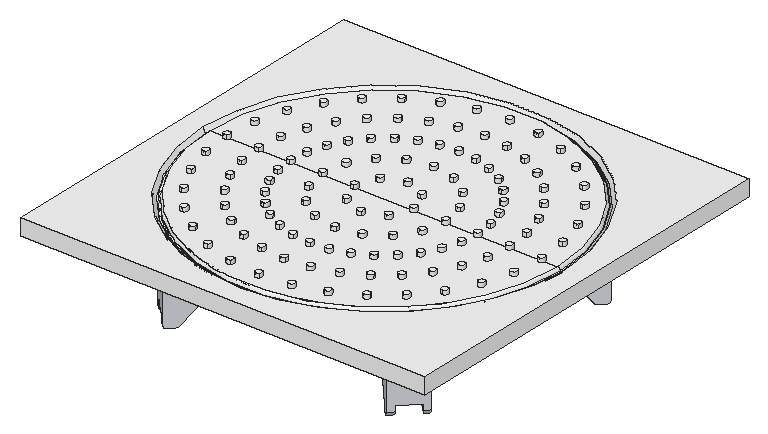
Revit family "Reece_Shower_GROHE_F Series_Overhead Shower_254 mm", category Plumbing Fixtures, host Face, Revit 2018
Family settings
  Host = Face
  Round Connector Dimension = Use Diameter
  Part Type = Normal
  Cut with Voids When Loaded = No
  Shared = Yes
  Room Calculation Point = Yes
Parameters (values of type "Chrome")
  WFU = 0  # constant formula
  URL = "https://www.reece.com.au/product/-9506716"
  Type Comments = "Shower"
  Reece_Shower_Inlet = 12 mm  # constant formula
  Reece_Product_Web Page = "https://www.reece.com.au/product/-9506716"
  Reece_Product_Type = "Shower"  # constant formula
  Reece_Product_Sub Brand = "F-Series"  # constant formula
  Reece_Product_Number = "9506716"
  Reece_Product_Mount = "Ceiling Mounted"
  Reece_Product_Description = "GROHE Rainshower F-Series Ceiling Mounted Shower Head 254mm Chrome (2 Star)"
  Reece_Product_Brand = "GROHE"  # constant formula
  Reece_Overall_Width = 254 mm  # constant formula
  Reece_Overall_Length = 254 mm  # constant formula
  Reece_Overall_Height = 12 mm  # constant formula
  Reece_Overall-Diameter = 218 mm  # constant formula
  Reece_Material_Main [instance] = Reece_Brass_Chrome
  Reece_Detail_Disclaimer = "THIS FILE IS THE PROPERTY OF THE REECE GROUP. IT MAY NOT BE REPRODUCED, REVERSE-ENGINEERED OR MODIFIED. ANY REPUBLICATION, TRANSMISSION OR DISTRIBUTION FOR THE PURPOSE OF COMMERCIALLY EXPLOITING THE FILES IS PROHIBITED."  # constant formula
  Reece_Detail_Additional = "Overhead Shower"  # constant formula
  Model = "F-Series"
  Manufacturer = "GROHE"
  Keynote = "Product #9506716, Reece_Shower_GROHE_F Series_Overhead Shower_254 mm - Chrome"
  HWFU = 0  # constant formula
  Disclaimer = "THIS FILE IS THE PROPERTY OF THE REECE GROUP. IT MAY NOT BE REPRODUCED, REVERSE-ENGINEERED OR MODIFIED. ANY REPUBLICATION, TRANSMISSION OR DISTRIBUTION FOR THE PURPOSE OF COMMERCIALLY EXPLOITING THE FILES IS PROHIBITED."  # constant formula
  Description = "GROHE Rainshower F-Series Ceiling Mounted Shower Head 254mm Chrome (2 Star)"
  Default Elevation = 0 mm
  CWFU = 0  # constant formula
Reference planes
  plane 1 "Center (Front/Back)": y = 0
  plane 2: z = 0
  plane 3 "Center (Left/Right)": x = 0
  plane 4: y = 127
  plane 5: y = -127
  plane 6: x = -127
  plane 7: x = 127
  plane 8: z = -58
  plane 9: z = 12
  plane 10: y = 109
  plane 11: y = -109
Forms (mm)
  Revolve 1, solid, material "Reece_Brass_Chrome" <- "Reece_Material_Main"
    sketch origin (0, 0, -219.6) x (1, 0, 0) y (0, 0, 1)
      loop
        line (0, 229.6) -> (0, 219.6) -> (109, 219.6) -> (109, 226.787) -> (111.204, 226.787)
        arc (111.204, 226.787) -> (111.611, 227.193) -> (111.204, 227.6) r 0.407
        line (111.204, 227.6) -> (110.204, 227.6)
        arc (110.204, 227.6) -> (109.766, 228.699) -> (109, 229.6) r 3.657
        line (109, 229.6) -> (0, 229.6)
      axis (0, 229.6) -> (0, 219.6)
    angle from 0 to 360
  Extrusion 2, solid, material "Reece_Brass_Chrome" <- "Reece_Material_Main", detail levels fine
    sketch origin (2.068, -0.55, -42.4) x (0.866025, -0.5, 0) y (0.5, 0.866025, 0)
      loop
        circle (-51.416, 84.919) r 2
      loop
        circle (-41.416, 67.599) r 2
      loop
        circle (-31.416, 50.278) r 2
      loop
        circle (-21.416, 32.958) r 2
      loop
        circle (-11.416, 15.637) r 2
      loop
        circle (-97.403, 24.988) r 2
      loop
        circle (-78.085, 19.812) r 2
      loop
        circle (-58.766, 14.635) r 2
      loop
        circle (-39.448, 9.459) r 2
      loop
        circle (-20.129, 4.283) r 2
      loop
        circle (-87.543, -49.907) r 2
      loop
        circle (-70.223, -39.907) r 2
      loop
        circle (-52.902, -29.907) r 2
      loop
        circle (-35.582, -19.907) r 2
      loop
        circle (-18.261, -9.907) r 2
      loop
        circle (-80.37, 59.527) r 2
      loop
        circle (-64.503, 47.352) r 2
      loop
        circle (-48.636, 35.177) r 2
      loop
        circle (-32.769, 23.002) r 2
      loop
        circle (-67.144, 73.649) r 2
      loop
        circle (-53.957, 58.612) r 2
      loop
        circle (-40.77, 43.576) r 2
      loop
        circle (-90.588, 43.097) r 2
      loop
        circle (-72.65, 34.251) r 2
      loop
        circle (-54.713, 25.405) r 2
      loop
        circle (-99.922, -13.44) r 2
      loop
        circle (-80.093, -10.83) r 2
      loop
        circle (-60.264, -8.219) r 2
      loop
        circle (-40.435, -5.609) r 2
      loop
        circle (-95.528, -32.283) r 2
      loop
        circle (-76.59, -25.855) r 2
      loop
        circle (-57.651, -19.426) r 2
      loop
        circle (-100.555, 5.898) r 2
      loop
        circle (-80.598, 4.59) r 2
      loop
        circle (-60.641, 3.282) r 2
      loop
        circle (-27.612, -95.894) r 2
      loop
        circle (-22.435, -76.576) r 2
      loop
        circle (-17.259, -57.257) r 2
      loop
        circle (-12.083, -37.939) r 2
      loop
        circle (-6.906, -18.62) r 2
      loop
        circle (10.817, -98.413) r 2
      loop
        circle (8.206, -78.584) r 2
      loop
        circle (5.596, -58.755) r 2
      loop
        circle (2.985, -38.926) r 2
      loop
        circle (29.66, -94.019) r 2
      loop
        circle (23.231, -75.081) r 2
      loop
        circle (16.802, -56.142) r 2
      loop
        circle (-8.522, -99.046) r 2
      loop
        circle (-7.214, -79.089) r 2
      loop
        circle (-5.905, -59.132) r 2
      loop
        circle (-62.151, -78.861) r 2
      loop
        circle (-49.976, -62.994) r 2
      loop
        circle (-37.801, -47.127) r 2
      loop
        circle (-25.625, -31.26) r 2
      loop
        circle (-76.273, -65.635) r 2
      loop
        circle (-61.236, -52.448) r 2
      loop
        circle (-46.199, -39.261) r 2
      loop
        circle (-45.72, -89.079) r 2
      loop
        circle (-36.874, -71.141) r 2
      loop
        circle (-28.029, -53.204) r 2
      loop
        circle (23.479, 94.78) r 2
      loop
        circle (18.303, 75.461) r 2
      loop
        circle (13.126, 56.142) r 2
      loop
        circle (7.95, 36.824) r 2
      loop
        circle (2.774, 17.505) r 2
      loop
        circle (83.41, 48.793) r 2
      loop
        circle (66.09, 38.793) r 2
      loop
        circle (48.769, 28.793) r 2
      loop
        circle (31.449, 18.793) r 2
      loop
        circle (14.128, 8.793) r 2
      loop
        circle (-14.949, 97.298) r 2
      loop
        circle (-12.339, 77.469) r 2
      loop
        circle (-9.728, 57.64) r 2
      loop
        circle (-7.118, 37.812) r 2
      loop
        circle (-33.792, 92.905) r 2
      loop
        circle (-27.364, 73.966) r 2
      loop
        circle (-20.935, 55.027) r 2
      loop
        circle (4.389, 97.931) r 2
      loop
        circle (3.081, 77.974) r 2
      loop
        circle (1.773, 58.017) r 2
      loop
        circle (58.018, 77.747) r 2
      loop
        circle (45.843, 61.88) r 2
      loop
        circle (33.668, 46.012) r 2
      loop
        circle (21.493, 30.145) r 2
      loop
        circle (72.14, 64.52) r 2
      loop
        circle (57.103, 51.333) r 2
      loop
        circle (42.067, 38.146) r 2
      loop
        circle (41.588, 87.964) r 2
      loop
        circle (32.742, 70.027) r 2
      loop
        circle (23.896, 52.089) r 2
      loop
        circle (93.271, -26.103) r 2
      loop
        circle (73.952, -20.926) r 2
      loop
        circle (54.634, -15.75) r 2
      loop
        circle (35.315, -10.574) r 2
      loop
        circle (15.996, -5.397) r 2
      loop
        circle (76.238, -60.642) r 2
      loop
        circle (60.371, -48.467) r 2
      loop
        circle (44.504, -36.292) r 2
      loop
        circle (28.636, -24.116) r 2
      loop
        circle (63.011, -74.764) r 2
      loop
        circle (49.824, -59.727) r 2
      loop
        circle (36.637, -44.69) r 2
      loop
        circle (86.455, -44.211) r 2
      loop
        circle (68.518, -35.365) r 2
      loop
        circle (50.58, -26.52) r 2
      loop
        circle (95.789, 12.326) r 2
      loop
        circle (75.96, 9.715) r 2
      loop
        circle (56.131, 7.105) r 2
      loop
        circle (36.303, 4.494) r 2
      loop
        circle (91.396, 31.169) r 2
      loop
        circle (72.457, 24.74) r 2
      loop
        circle (53.518, 18.311) r 2
      loop
        circle (96.422, -7.013) r 2
      loop
        circle (76.465, -5.705) r 2
      loop
        circle (56.508, -4.397) r 2
      loop
        circle (47.284, -86.034) r 2
      loop
        circle (37.284, -68.714) r 2
      loop
        circle (27.284, -51.393) r 2
      loop
        circle (17.284, -34.073) r 2
      loop
        circle (7.284, -16.752) r 2
    from 52.4 to 54.4
  Revolve 3, void
    sketch origin (0, 0, -32.6) x (1, 0, 0) y (0, 0, 1)
      loop
        line (0, 32.6) -> (0, 45.2) -> (-115.312, 45.2) -> (-109.012, 32.6) -> (0, 32.6)
      axis (0, 45.2) -> (0, 32.6)
    angle from 0 to 360
  Extrusion 4, solid, material "Reece_Brass_Chrome" <- "Reece_Material_Main"
    sketch origin (127, -127, 0) x (1, 0, 0) y (0, 1, 0)
      loop
        line (-254, 254) -> (-254, 0) -> (0, 0) -> (0, 254) -> (-254, 254)
    from 0 to 10
  Extrusion 5, void
    sketch origin (18, 0, 0) x (1, 0, 0) y (0, 1, 0)
      loop
        line (-108, 90) -> (-108, -89.223) -> (72.187, -89.223) -> (72.187, 90) -> (-108, 90)
    from -58 to 0
  Revolve 6, solid
    sketch origin (0, 0, 0) x (1, 0, 0) y (0, 0, 1)
      loop
        line (0, 0) -> (0, -32) -> (12, -32) -> (12, -22) -> (10, -22) -> (10, -10) -> (22.5, -10) -> (22.5, 0) -> (0, 0)
      axis (0, 0) -> (0, -32)
    angle from 0 to 360
  Extrusion 7, solid
    sketch origin (0, 0, -42) x (1, 0, 0) y (0, 1, 0)
      loop
        line (15, 8.66) -> (0, 17.321) -> (-15, 8.66) -> (-15, -8.66) -> (0, -17.321) -> (15, -8.66) -> (15, 8.66)
    from 4.837 to 10
  Extrusion 8, solid
    sketch origin (12.148, 3.006, 0) x (0.707107, -0.707107, 0) y (0, 0, 1)
      loop
        line (104.012, 0) -> (58.932, 0)
        arc (58.932, 0) -> (57.064, -1.19) -> (57.353, -3.386) r 2.061
        line (57.353, -3.386) -> (95.109, -48.382)
        arc (95.109, -48.382) -> (96.664, -49.576) -> (98.578, -50) r 4.528
        line (98.578, -50) -> (101.965, -50)
        arc (101.965, -50) -> (103.412, -49.4) -> (104.012, -47.953) r 2.047
        line (104.012, -47.953) -> (104.012, 0)
    from 0 to 22
  Extrusion 9, void
    sketch origin (12.2, 3.058, 0) x (0.707107, -0.707107, 0) y (0, 0, 1)
      loop
        line (101.309, -3.285) -> (47.551, -3.285) -> (101.309, -67.352) -> (101.309, -54.021) -> (109.101, -54.021) -> (109.101, -44.394) -> (101.309, -44.394) -> (101.309, -3.285)
    from 3.505 to 18.074
  Extrusion 10, solid
    sketch origin (-12.148, 3.006, 0) x (-0.707107, -0.707107, 0) y (0, 0, -1)
      loop
        line (104.012, 0) -> (104.012, 47.953)
        arc (104.012, 47.953) -> (103.412, 49.4) -> (101.965, 50) r 2.047
        line (101.965, 50) -> (98.578, 50)
        arc (98.578, 50) -> (96.664, 49.576) -> (95.109, 48.382) r 4.528
        line (95.109, 48.382) -> (57.353, 3.386)
        arc (57.353, 3.386) -> (57.064, 1.19) -> (58.932, 0) r 2.061
        line (58.932, 0) -> (104.012, 0)
    from 0 to 22
  Extrusion 11, void
    sketch origin (-12.2, 3.058, 0) x (-0.707107, -0.707107, 0) y (0, 0, -1)
      loop
        line (101.309, 3.285) -> (101.309, 44.394) -> (109.101, 44.394) -> (109.101, 54.021) -> (101.309, 54.021) -> (101.309, 67.352) -> (47.551, 3.285) -> (101.309, 3.285)
    from 3.505 to 18.074
  Extrusion 12, solid
    sketch origin (12.148, -3.006, 0) x (0.707107, 0.707107, 0) y (0, 0, -1)
      loop
        line (104.012, 0) -> (104.012, 47.953)
        arc (104.012, 47.953) -> (103.412, 49.4) -> (101.965, 50) r 2.047
        line (101.965, 50) -> (98.578, 50)
        arc (98.578, 50) -> (96.664, 49.576) -> (95.109, 48.382) r 4.528
        line (95.109, 48.382) -> (57.353, 3.386)
        arc (57.353, 3.386) -> (57.064, 1.19) -> (58.932, 0) r 2.061
        line (58.932, 0) -> (104.012, 0)
    from 0 to 22
  Extrusion 13, void
    sketch origin (12.2, -3.058, 0) x (0.707107, 0.707107, 0) y (0, 0, -1)
      loop
        line (101.309, 3.285) -> (101.309, 44.394) -> (109.101, 44.394) -> (109.101, 54.021) -> (101.309, 54.021) -> (101.309, 67.352) -> (47.551, 3.285) -> (101.309, 3.285)
    from 3.505 to 18.074
  Extrusion 14, solid
    sketch origin (-12.148, -3.006, 0) x (-0.707107, 0.707107, 0) y (0, 0, 1)
      loop
        line (104.012, 0) -> (58.932, 0)
        arc (58.932, 0) -> (57.064, -1.19) -> (57.353, -3.386) r 2.061
        line (57.353, -3.386) -> (95.109, -48.382)
        arc (95.109, -48.382) -> (96.664, -49.576) -> (98.578, -50) r 4.528
        line (98.578, -50) -> (101.965, -50)
        arc (101.965, -50) -> (103.412, -49.4) -> (104.012, -47.953) r 2.047
        line (104.012, -47.953) -> (104.012, 0)
    from 0 to 22
  Extrusion 15, void
    sketch origin (-12.2, -3.058, 0) x (-0.707107, 0.707107, 0) y (0, 0, 1)
      loop
        line (101.309, -3.285) -> (47.551, -3.285) -> (101.309, -67.352) -> (101.309, -54.021) -> (109.101, -54.021) -> (109.101, -44.394) -> (101.309, -44.394) -> (101.309, -3.285)
    from 3.505 to 18.074
Cuts and joins
  Revolve 3 cuts Extrusion 4
  Extrusion 9, Extrusion 11, Extrusion 13 cuts Extrusion 8
  Extrusion 11, Extrusion 15 cuts Extrusion 10
  Extrusion 13 cuts Extrusion 12
  Extrusion 15 cuts Extrusion 14
Text (mm)
  text "Reece Copyright © 2018, Reece Ltd." at (-684.407, -384.82, 0), in view "Ref. Level"
  text "Reece ©" at (-374.685, 622.644, -171.901), in view "Reece_Preview"
Dimensions and locks
  equal spacing: plane 4, plane 1 "Center (Front/Back)", plane 5
  "Reece_Overall-Diameter": plane 11 to plane 10
  "Reece_Overall_Width": plane 6 to plane 7
  "Reece_Overall_Height": plane 9 to host face
  plane 10 to plane 11 = 218 mm
  "Reece_Overall_Length": plane 4 to plane 5
  plane 7 to plane 6 = 254 mm
  plane 4 to plane 5 = 254 mm
  aligned and locked: host face to plane 2
  aligned and locked: host face to level
Automatic sketch dimensions
  host sketch curve to host sketch curve = 719.989 mm
  host sketch curve to host sketch curve = 682.232 mm
  plane 3 "Center (Left/Right)" to Revolve 1 sketch curve = 0 mm
  Revolve 1 sketch curve to plane 3 "Center (Left/Right)" = 0 mm
  Revolve 1 sketch curve to level = 0 mm
  plane 9 to Revolve 1 sketch curve = 4.788 mm
  Revolve 1 sketch curve to plane 7 = 20.367 mm
  Revolve 1 sketch curve to Revolve 1 sketch curve = 2.367 mm  (x2)
  Revolve 1 sketch curve to Revolve 1 sketch curve = 1.204 mm
  Revolve 1 sketch curve to Revolve 1 sketch curve = 1 mm
  Revolve 1 sketch curve to Revolve 1 sketch curve = 0.026 mm
  Revolve 1 sketch curve to Revolve 1 sketch curve = 0.407 mm
  plane 8 to Revolve 1 sketch curve = 771.2 mm
  Revolve 1 sketch curve to plane 9 = 128.8 mm
  Extrusion 2 sketch curve to Extrusion 2 sketch curve = 0 mm  (x240)
  plane 1 "Center (Front/Back)" to Extrusion 2 sketch curve = 0 mm  (x10)
  Extrusion 2 sketch curve to plane 3 "Center (Left/Right)" = 0 mm  (x10)
  plane 6 to Extrusion 2 sketch curve = 44.934 mm
  plane 10 to Extrusion 2 sketch curve = 54.165 mm
  Extrusion 2 sketch curve to Extrusion 2 sketch curve = 0.633 mm  (x4)
  Extrusion 2 sketch curve to Extrusion 2 sketch curve = 3.152 mm
  Extrusion 2 sketch curve to Extrusion 2 sketch curve = 4.394 mm  (x4)
  Extrusion 2 sketch curve to Extrusion 2 sketch curve = 6.816 mm  (x4)
  Extrusion 2 sketch curve to Extrusion 2 sketch curve = 7.985 mm  (x4)
  Extrusion 2 sketch curve to Extrusion 2 sketch curve = 19.957 mm  (x4)
  Extrusion 2 sketch curve to Extrusion 2 sketch curve = 10.217 mm  (x4)
  Extrusion 2 sketch curve to Extrusion 2 sketch curve = 0.505 mm  (x4)
  Extrusion 2 sketch curve to Extrusion 2 sketch curve = 2.513 mm  (x2)
  Extrusion 2 sketch curve to Extrusion 2 sketch curve = 3.503 mm  (x3)
  Extrusion 2 sketch curve to Extrusion 2 sketch curve = 11.27 mm  (x2)
  Extrusion 2 sketch curve to Extrusion 2 sketch curve = 5.434 mm  (x4)
  Extrusion 2 sketch curve to Extrusion 2 sketch curve = 6.367 mm  (x4)
  Extrusion 2 sketch curve to Extrusion 2 sketch curve = 13.227 mm  (x4)
  Extrusion 2 sketch curve to Extrusion 2 sketch curve = 8.147 mm  (x4)
  Extrusion 2 sketch curve to Extrusion 2 sketch curve = 14.122 mm  (x4)
  Extrusion 2 sketch curve to Extrusion 2 sketch curve = 8.986 mm  (x3)
  Extrusion 2 sketch curve to Extrusion 2 sketch curve = 0.377 mm  (x3)
  Extrusion 2 sketch curve to Extrusion 2 sketch curve = 1.874 mm  (x3)
  Extrusion 2 sketch curve to Extrusion 2 sketch curve = 2.613 mm  (x3)
  Extrusion 2 sketch curve to Extrusion 2 sketch curve = 4.053 mm  (x4)
  Extrusion 2 sketch curve to Extrusion 2 sketch curve = 10.546 mm  (x4)
  Extrusion 2 sketch curve to Extrusion 2 sketch curve = 4.749 mm  (x4)
  Extrusion 2 sketch curve to Extrusion 2 sketch curve = 15.727 mm  (x3)
  Extrusion 2 sketch curve to Extrusion 2 sketch curve = 11.26 mm  (x4)
  Extrusion 2 sketch curve to Extrusion 2 sketch curve = 6.077 mm  (x4)
  Extrusion 2 sketch curve to Extrusion 2 sketch curve = 6.703 mm  (x3)
  Extrusion 2 sketch curve to Extrusion 2 sketch curve = 16.431 mm  (x4)
  Extrusion 2 sketch curve to Extrusion 2 sketch curve = 12.541 mm  (x3)
  Extrusion 2 sketch curve to Extrusion 2 sketch curve = 7.866 mm  (x4)
  Extrusion 2 sketch curve to Extrusion 2 sketch curve = 19.829 mm
  Extrusion 2 sketch curve to Extrusion 2 sketch curve = 0.988 mm  (x2)
  Extrusion 2 sketch curve to Extrusion 2 sketch curve = 8.399 mm  (x4)
  Extrusion 2 sketch curve to Extrusion 2 sketch curve = 13.101 mm  (x4)
  Extrusion 2 sketch curve to Extrusion 2 sketch curve = 4.854 mm  (x4)
  Extrusion 2 sketch curve to Extrusion 2 sketch curve = 17.624 mm  (x3)
  Extrusion 2 sketch curve to Extrusion 2 sketch curve = 6.679 mm  (x4)
  Extrusion 2 sketch curve to Extrusion 2 sketch curve = 9.354 mm  (x3)
  Extrusion 2 sketch curve to Extrusion 2 sketch curve = 9.772 mm  (x4)
  Extrusion 2 sketch curve to Extrusion 2 sketch curve = 18.108 mm  (x4)
  Extrusion 2 sketch curve to Extrusion 2 sketch curve = 14.053 mm  (x3)
  Extrusion 2 sketch curve to Extrusion 2 sketch curve = 9.956 mm  (x4)
  Extrusion 2 sketch curve to Extrusion 2 sketch curve = 14.439 mm  (x4)
  Extrusion 2 sketch curve to Extrusion 2 sketch curve = 11.353 mm  (x3)
  Extrusion 2 sketch curve to Extrusion 2 sketch curve = 10.482 mm  (x3)
  Extrusion 2 sketch curve to Extrusion 2 sketch curve = 19.319 mm
  Extrusion 2 sketch curve to Extrusion 2 sketch curve = 1.868 mm  (x4)
  Extrusion 2 sketch curve to Extrusion 2 sketch curve = 10.77 mm  (x4)
  Extrusion 2 sketch curve to Extrusion 2 sketch curve = 18.843 mm  (x4)
  Extrusion 2 sketch curve to Extrusion 2 sketch curve = 15.025 mm  (x4)
  Extrusion 2 sketch curve to Extrusion 2 sketch curve = 13.543 mm  (x3)
  Extrusion 2 sketch curve to Extrusion 2 sketch curve = 8.713 mm
  Extrusion 2 sketch curve to Extrusion 2 sketch curve = 11.207 mm  (x4)
  Extrusion 2 sketch curve to Extrusion 2 sketch curve = 19.09 mm  (x4)
  Extrusion 2 sketch curve to Extrusion 2 sketch curve = 15.222 mm  (x4)
  Extrusion 2 sketch curve to Extrusion 2 sketch curve = 14.299 mm  (x3)
  Extrusion 2 sketch curve to Extrusion 2 sketch curve = 11.355 mm  (x4)
  Extrusion 2 sketch curve to Extrusion 2 sketch curve = 11.354 mm  (x4)
  Extrusion 2 sketch curve to Extrusion 2 sketch curve = 11.501 mm  (x4)
  Extrusion 2 sketch curve to Extrusion 2 sketch curve = 14.19 mm  (x2)
  Extrusion 2 sketch curve to Extrusion 2 sketch curve = 15.068 mm  (x4)
  Extrusion 2 sketch curve to Extrusion 2 sketch curve = 15.42 mm  (x4)
  Extrusion 2 sketch curve to Extrusion 2 sketch curve = 19.338 mm  (x3)
  Extrusion 2 sketch curve to Extrusion 2 sketch curve = 17.321 mm
  Extrusion 2 sketch curve to Extrusion 2 sketch curve = 49.171 mm
  Extrusion 2 sketch curve to Extrusion 2 sketch curve = 0.765 mm  (x24)
  Extrusion 2 sketch curve to Extrusion 2 sketch curve = 0.885 mm  (x18)
  Extrusion 2 sketch curve to Extrusion 2 sketch curve = 0.518 mm  (x20)
  Extrusion 2 sketch curve to Extrusion 2 sketch curve = 0.39 mm  (x18)
  Extrusion 2 sketch curve to Extrusion 2 sketch curve = 1.663 mm  (x18)
  Extrusion 2 sketch curve to Extrusion 2 sketch curve = 1.732 mm  (x15)
  Extrusion 2 sketch curve to Extrusion 2 sketch curve = 0.261 mm  (x24)
  Extrusion 2 sketch curve to Extrusion 2 sketch curve = 1.894 mm  (x18)
  Extrusion 2 sketch curve to Extrusion 2 sketch curve = 0.643 mm  (x18)
  Extrusion 2 sketch curve to Extrusion 2 sketch curve = 1.983 mm  (x24)
  Extrusion 2 sketch curve to Extrusion 2 sketch curve = 1 mm  (x15)
  Extrusion 2 sketch curve to Extrusion 2 sketch curve = 1.111 mm  (x18)
  Extrusion 2 sketch curve to Extrusion 2 sketch curve = 1.962 mm  (x18)
  Extrusion 2 sketch curve to Extrusion 2 sketch curve = 1.414 mm  (x30)
  Extrusion 2 sketch curve to Extrusion 2 sketch curve = 1.848 mm  (x24)
  Extrusion 2 sketch curve to Extrusion 2 sketch curve = 1.794 mm  (x18)
  Extrusion 2 sketch curve to Extrusion 2 sketch curve = 2 mm  (x10)
  Extrusion 2 sketch curve to Extrusion 2 sketch curve = 1.932 mm  (x10)
  Revolve 3 sketch curve to level = 0 mm  (x2)
  Revolve 3 sketch curve to plane 3 "Center (Left/Right)" = 0 mm  (x2)
  plane 6 to Revolve 3 sketch curve = 17.988 mm
  Revolve 3 sketch curve to plane 9 = 0.6 mm
  plane 6 to Revolve 3 sketch curve = 11.688 mm
  Revolve 3 sketch curve to Revolve 3 sketch curve = 0 mm
  Extrusion 4 sketch curve to plane 5 = 0 mm
  Extrusion 4 sketch curve to plane 6 = 0 mm
  Extrusion 4 sketch curve to plane 7 = 0 mm
  Extrusion 4 sketch curve to plane 4 = 0 mm
  Extrusion 5 sketch curve to plane 11 = 19.777 mm
  plane 10 to Extrusion 5 sketch curve = 19 mm
  plane 6 to Extrusion 5 sketch curve = 37 mm
  Extrusion 5 sketch curve to plane 7 = 36.813 mm
  Revolve 6 sketch curve to level = 0 mm
  Revolve 6 sketch curve to plane 3 "Center (Left/Right)" = 0 mm  (x2)
  plane 3 "Center (Left/Right)" to Revolve 6 sketch curve = 10 mm
  Revolve 6 sketch curve to Revolve 6 sketch curve = 2 mm
  Revolve 6 sketch curve to Revolve 6 sketch curve = 12.5 mm
  Revolve 6 sketch curve to Revolve 6 sketch curve = 10 mm  (x2)
  Revolve 6 sketch curve to Revolve 6 sketch curve = 12 mm
  Revolve 6 sketch curve to Revolve 6 sketch curve = 0 mm  (x2)
  Extrusion 7 sketch curve to plane 3 "Center (Left/Right)" = 0 mm  (x2)
  Extrusion 7 sketch curve to plane 3 "Center (Left/Right)" = 15 mm
  plane 3 "Center (Left/Right)" to Extrusion 7 sketch curve = 15 mm
  plane 1 "Center (Front/Back)" to Extrusion 7 sketch curve = 17.321 mm
  plane 1 "Center (Front/Back)" to Extrusion 7 sketch curve = 8.66 mm  (x2)
  Extrusion 7 sketch curve to plane 1 "Center (Front/Back)" = 8.66 mm  (x2)
  Extrusion 7 sketch curve to Extrusion 7 sketch curve = 8.66 mm
  Extrusion 8 sketch curve to level = 0 mm
  Extrusion 8 sketch curve to level = 3.386 mm
  Extrusion 8 sketch curve to level = 2.061 mm
  Extrusion 8 sketch curve to plane 8 = 9.618 mm
  Extrusion 8 sketch curve to Extrusion 8 sketch curve = 37.757 mm
  Extrusion 8 sketch curve to Extrusion 8 sketch curve = 3.469 mm
  Extrusion 8 sketch curve to Extrusion 8 sketch curve = 3.386 mm
  Extrusion 8 sketch curve to Extrusion 8 sketch curve = 2.047 mm
  Extrusion 8 sketch curve to Extrusion 8 sketch curve = 1.618 mm
  Extrusion 9 sketch curve to level = 3.285 mm
  Extrusion 9 sketch curve to plane 8 = 13.606 mm
  Extrusion 9 sketch curve to Extrusion 9 sketch curve = 53.759 mm
  plane 8 to Extrusion 9 sketch curve = 9.352 mm
  Extrusion 9 sketch curve to Extrusion 9 sketch curve = 0 mm
  Extrusion 9 sketch curve to Extrusion 9 sketch curve = 7.792 mm
  Extrusion 9 sketch curve to plane 8 = 3.979 mm
  Extrusion 10 sketch curve to level = 0 mm
  Extrusion 10 sketch curve to level = 3.386 mm
  Extrusion 10 sketch curve to level = 2.061 mm
  Extrusion 10 sketch curve to plane 8 = 9.618 mm
  Extrusion 10 sketch curve to Extrusion 10 sketch curve = 37.757 mm
  Extrusion 10 sketch curve to Extrusion 10 sketch curve = 3.469 mm
  Extrusion 10 sketch curve to Extrusion 10 sketch curve = 3.386 mm
  Extrusion 10 sketch curve to Extrusion 10 sketch curve = 2.047 mm
  Extrusion 10 sketch curve to Extrusion 10 sketch curve = 2.911 mm
  Extrusion 11 sketch curve to level = 3.285 mm
  Extrusion 11 sketch curve to plane 8 = 13.606 mm
  Extrusion 11 sketch curve to Extrusion 11 sketch curve = 53.759 mm
  plane 8 to Extrusion 11 sketch curve = 9.352 mm
  Extrusion 11 sketch curve to Extrusion 11 sketch curve = 0 mm
  Extrusion 11 sketch curve to Extrusion 11 sketch curve = 7.792 mm
  Extrusion 11 sketch curve to plane 8 = 3.979 mm
  level to Extrusion 12 sketch curve = 0 mm
  Extrusion 12 sketch curve to level = 3.386 mm
  Extrusion 12 sketch curve to level = 2.061 mm
  Extrusion 12 sketch curve to plane 8 = 9.618 mm
  Extrusion 12 sketch curve to Extrusion 12 sketch curve = 37.757 mm
  Extrusion 12 sketch curve to Extrusion 12 sketch curve = 3.469 mm
  Extrusion 12 sketch curve to Extrusion 12 sketch curve = 3.386 mm
  Extrusion 12 sketch curve to Extrusion 12 sketch curve = 2.047 mm
  Extrusion 12 sketch curve to Extrusion 12 sketch curve = 2.911 mm
  Extrusion 13 sketch curve to level = 3.285 mm
  Extrusion 13 sketch curve to plane 8 = 13.606 mm
  Extrusion 13 sketch curve to Extrusion 13 sketch curve = 53.759 mm
  plane 8 to Extrusion 13 sketch curve = 9.352 mm
  Extrusion 13 sketch curve to Extrusion 13 sketch curve = 0 mm
  Extrusion 13 sketch curve to Extrusion 13 sketch curve = 7.792 mm
  Extrusion 13 sketch curve to plane 8 = 3.979 mm
  level to Extrusion 14 sketch curve = 0 mm
  Extrusion 14 sketch curve to level = 3.386 mm
  Extrusion 14 sketch curve to level = 2.061 mm
  Extrusion 14 sketch curve to plane 8 = 9.618 mm
  Extrusion 14 sketch curve to Extrusion 14 sketch curve = 37.757 mm
  Extrusion 14 sketch curve to Extrusion 14 sketch curve = 3.469 mm
  Extrusion 14 sketch curve to Extrusion 14 sketch curve = 3.386 mm
  Extrusion 14 sketch curve to Extrusion 14 sketch curve = 2.047 mm
  Extrusion 14 sketch curve to Extrusion 14 sketch curve = 1.618 mm
  Extrusion 15 sketch curve to level = 3.285 mm
  Extrusion 15 sketch curve to plane 8 = 13.606 mm
  Extrusion 15 sketch curve to Extrusion 15 sketch curve = 53.759 mm
  plane 8 to Extrusion 15 sketch curve = 9.352 mm
  Extrusion 15 sketch curve to Extrusion 15 sketch curve = 0 mm
  Extrusion 15 sketch curve to Extrusion 15 sketch curve = 7.792 mm
  Extrusion 15 sketch curve to plane 8 = 3.979 mm
Connectors
  piping at (0, 0, -32), diameter 12, driven by "Reece_Shower_Inlet"
    settings: on Revolve 6, index 1, connector inside diameter 609.6 mm, connector length 0 mm, flow factor 0, pipe flow 0.0 L/s, pressure drop 0.0 Pa, fitting loss kfactor 0, connector angle 0.00°, fixture units 0, engagement length 0 mm, angle of deflection 0.00°, flow configuration 0, flow direction 1, fitting loss method 0, system type 29, joint type 0, gender type 0, connector reference index -1, connector utility 0, adjustable connector no, is connector primary yes, connector description ""
